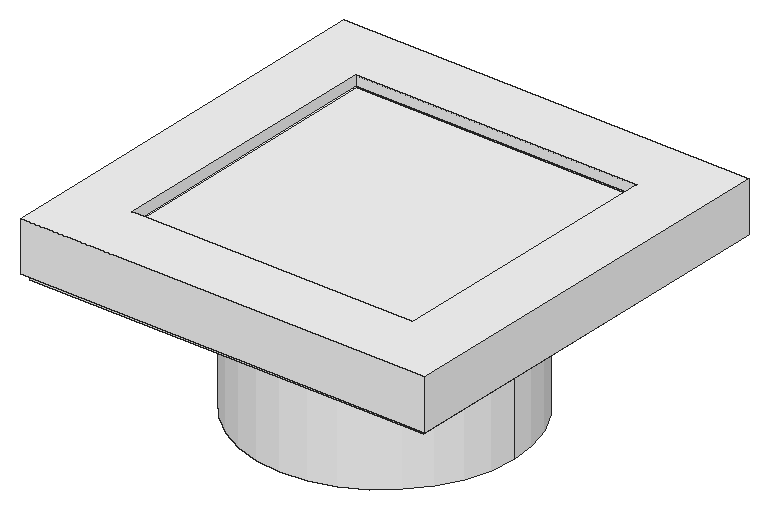
Revit family "Gira_012828", category Electrical Fixtures, host Face, Revit 2017
Family settings
  Host = Face
  Maintain Annotation Orientation = Yes
  Round Connector Dimension = Use Diameter
  Part Type = Normal
  Cut with Voids When Loaded = No
  Shared = No
  Room Calculation Point = No
Parameters (values of type "Tastschalter Wechselsch. 2f System 55 Anthrazit")
  Zusammenstellung = "Basiselement mit zentraler Abdeckplatte"
  White [instance] = White
  Werkstoffgüte = "sonstige"
  Werkstoff = "sonstige"
  Waschmaschinenschalter = "No"
  URL = "http://katalog.gira.de/de_DE/datenblatt.html?artikelnr=012828"
  Textfeld/Beschriftungsfläche = "nein"
  Tastschalter = "Yes"
  Schaltungsart = "Wechsel-/Wechselschalter"
  Rückmeldekontakt = "No"
  Region = "DE"
  Oberfläche = "sonstige"
  Nennspannung = "250 Volt"
  Name = "Tastschalter Wechselsch. 2f System 55 Anthrazit"
  Montageart = "unter Putz"
  Model = "Sys55_Komplettgerät_Schalten und Tasten"
  Mit Montageplatte = "No"
  Manufacturer URL = "https://www.gira.de/"
  HeinzeBIM = "https://bimportal.heinze.de/bim/tastschalter-wechselsch-2f-system-55-anthrazit/b8b4a1d4009b65837e0079990beb440f9ced0333"
  Halogenfrei = "No"
  HAN = "012828"
  Geeignet für Schutzart (IP) = "IP20"
  GTIN = "4010337128281"
  Farbe = "anthrazit"
  Default Elevation = 1219.2 mm
  Data sheet (1) = "https://katalog.gira.de/de_DE/download.html?artikelnr=012828"
  Category = "Installationsschalter"
  Bemessungsstrom = "10 Ampere"
  Beleuchtung = "nein"
  Befestigungsart = "Krallen-/Schraubbefestigung"
  Bedienungsart = "Wippe/Taste"
  Available = "Yes"
  Anzahl der Module (bei Modulbauweise) = "1 "
  Anzahl der Betätigungswippen = "2 "
  Anschlussart = "Steckklemme"
Reference planes
  plane 1 "Center (Front/Back)": y = 0
  plane 2: z = 0
  plane 3 "Center (Left/Right)": x = 0
Forms (mm)
  Extrusion 1, solid, material "White" <- "White", detail levels medium
    sketch origin (0, 0, 0) x (1, 0, 0) y (0, 1, 0)
      loop
        line (-40.4, 40.4) -> (-40.4, -40.4) -> (40.4, -40.4) -> (40.4, 40.4) -> (-40.4, 40.4)
      loop
        line (-28, 28) -> (-28, -28) -> (28, -28) -> (28, 28) -> (-28, 28)
    from 0 to 10
  Extrusion 2, solid, material "White" <- "White", detail levels fine
    sketch origin (0, 0, 0) x (1, 0, 0) y (0, 1, 0)
      loop
        line (-40.4, 40.4) -> (-40.4, -40.4) -> (40.4, -40.4) -> (40.4, 40.4) -> (-40.4, 40.4)
      loop
        line (-28, 28) -> (-28, -28) -> (28, -28) -> (28, 28) -> (-28, 28)
    from 0 to 10
  Extrusion 3, void
    sketch origin (0, 0, 0) x (1, 0, 0) y (0, 1, 0)
      loop
        line (-38.4, 38.4) -> (-38.4, -38.4) -> (38.4, -38.4) -> (38.4, 38.4) -> (-38.4, 38.4)
    from 0 to 8
  Extrusion 4, solid, material "White" <- "White", detail levels medium+fine
    sketch origin (0, 0, 0) x (1, 0, 0) y (0, 1, 0)
      loop
        line (-39.4, 39.4) -> (-39.4, -39.4) -> (39.4, -39.4) -> (39.4, 39.4) -> (-39.4, 39.4)
    from 0 to -1
  Extrusion 5, solid, material "White" <- "White", detail levels medium+fine
    sketch origin (0, 0, 0) x (1, 0, 0) y (0, 1, 0)
      loop
        line (-35.5, 35.5) -> (-35.5, -35.5) -> (35.5, -35.5) -> (35.5, 35.5) -> (-35.5, 35.5)
    from -2 to -3
  Extrusion 6, solid, material "White" <- "White", detail levels medium+fine
    sketch origin (0, 0, 0) x (1, 0, 0) y (0, 1, 0)
      loop
        circle (0, 0) r 26
    from 0 to -27.5
  Extrusion 7, solid, material "White" <- "White", detail levels coarse
    sketch origin (0, 0, 0) x (1, 0, 0) y (0, 1, 0)
      loop
        line (-40.4, 40.4) -> (-40.4, -40.4) -> (40.4, -40.4) -> (40.4, 40.4) -> (-40.4, 40.4)
    from -27.5 to 10
Cuts and joins
  Extrusion 3 cuts Extrusion 2
Dimensions and locks
  aligned and locked: plane 2 to host face
  aligned and locked: level to host face
  aligned and locked: plane 3 "Center (Left/Right)" to nested 2
  aligned and locked: plane 1 "Center (Front/Back)" to nested 2
Nested families
  nested 1: "Sys55_Abdeckung_Schalten und Tasten_floor_base" at (0, 0, 0), type "Sys55_Abdeckung_Schalten und Tasten_floor_base"
  nested 2: "Schalter" at (0, 0, 0), type "Schalter"
Connectors
  electrical at (0, 0, -27.5)
    settings: on Extrusion 6, index 1, voltage 220 V, apparent load 0 VA, apparent load phase1 0 VA, apparent load phase2 0 VA, apparent load phase3 0 VA, power factor 1, load classification "Other", number of poles 1, system type 30, power factor state 1, is connector primary yes, connector utility no, sub classification motor no, connector description ""
Definition of nested family "Sys55_Abdeckung_Schalten und Tasten_floor_base"
  Parameters
    Default Elevation = 1219.2 mm
    White [instance] = none
  Reference planes
    plane 1 "Center (Front/Back)": y = 0
    plane 2: z = 0
    plane 3 "Center (Left/Right)": x = 0
  Forms (mm)
    Extrusion 1, solid
      sketch origin (0, 0, 0) x (1, 0, 0) y (0, 1, 0)
        loop
          line (-1219.2, 1219.2) -> (-1219.2, -1219.2) -> (1219.2, -1219.2) -> (1219.2, 1219.2) -> (-1219.2, 1219.2)
      from 0 to -304.8
    Extrusion 2, solid, material <- "White", detail levels fine
      sketch origin (0, 0, 0) x (1, 0, 0) y (0, 1, 0)
        loop
          line (-27.5, 27.5) -> (-27.5, -27.5) -> (27.5, -27.5) -> (27.5, 27.5) -> (-27.5, 27.5)
      from 0 to 8
    Extrusion 3, void
      sketch origin (0, 0, 0) x (1, 0, 0) y (0, 1, 0)
        loop
          line (26, 26) -> (-26, 26) -> (-26, -26) -> (26, -26) -> (26, 26)
      from 0 to 6
    Extrusion 4, solid, material <- "White", detail levels medium
      sketch origin (0, 0, 0) x (1, 0, 0) y (0, 1, 0)
        loop
          line (-27.5, 27.5) -> (-27.5, -27.5) -> (27.5, -27.5) -> (27.5, 27.5) -> (-27.5, 27.5)
      from 0 to 8
    Extrusion 5, solid, material <- "White", detail levels medium
      sketch origin (0, 0, 0) x (1, 0, 0) y (0, 1, 0)
        loop
          line (11, -17.5) -> (11, 17.5) -> (-11, 17.5) -> (-11, -17.5) -> (11, -17.5)
      from -6 to 6
    Extrusion 6, solid, material <- "White", detail levels fine
      sketch origin (0, 0, 0) x (1, 0, 0) y (0, 1, 0)
        loop
          line (11, 17.5) -> (-11, 17.5) -> (-11, 16.5) -> (11, 16.5) -> (11, 17.5)
        loop
          line (-11, -16.5) -> (-11, -17.5) -> (11, -17.5) -> (11, -16.5) -> (-11, -16.5)
      from -4 to 6
    Extrusion 7, solid, material <- "White", detail levels fine
      sketch origin (0, 0, 0) x (1, 0, 0) y (0, 1, 0)
        loop
          arc (5, 9.347) -> (0, 10.6) -> (-5, 9.347) r 10.6
          line (-5, 9.347) -> (-5, -9.347)
          arc (-5, -9.347) -> (0, -10.6) -> (5, -9.347) r 10.6
          line (5, -9.347) -> (5, 9.347)
      from -6 to 6
    Extrusion 8, solid, material <- "White", detail levels coarse
      sketch origin (0, 0, 0) x (1, 0, 0) y (0, 1, 0)
        loop
          line (-27.5, 27.5) -> (-27.5, -27.5) -> (27.5, -27.5) -> (27.5, 27.5) -> (-27.5, 27.5)
      from -6 to 8
  Cuts and joins
    Extrusion 3 cuts Extrusion 2
  Dimensions and locks
    aligned and locked: plane 2 to Extrusion 1
    aligned and locked: level to Extrusion 1
Definition of nested family "Schalter"
  Reference planes
    plane 1: y = 0
    plane 2: x = 0
  Lines and regions (mm)
    detail lines
      curve 1: circle (1.375, 2.778, 0) r 0.8 normal (0, 0, 1)
      curve 2: line (1.021, 2.061, 0) -> (0, 0, 0)
      curve 3: line (0, 0, 0) -> (-0.538, 0.266, 0)
  Dimensions and locks
    curve 2 to curve 2 = 2.3 mm
    curve 3 to curve 2 = 0.6 mm
    radius of curve 1 = 0.8 mm
